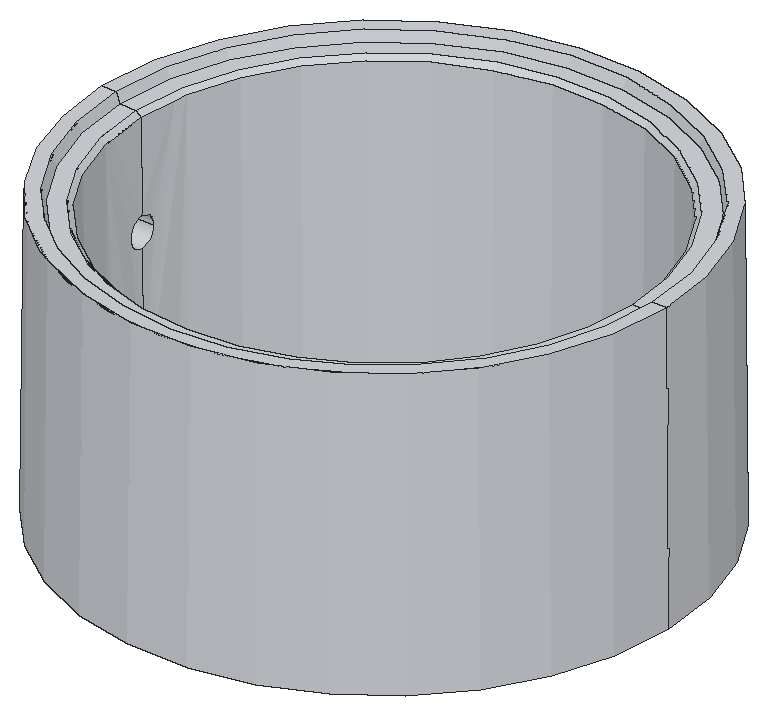
Revit family "Кольцо 1000х610 с замком КС 10-6", category Обобщенные модели, Revit 2023
Family settings
  Может служить основой для арматурных стержней = Нет
  Размер круглого соединителя = Использовать диаметр
  Тип детали = Нормальный
  На основе рабочей плоскости = Нет
  Всегда вертикально = Да
  При загрузке вырезать с полостями = Нет
  Сохранять ориентацию аннотаций = Нет
  Общий = Нет
  Точка принадлежности помещению = Нет
Parameters (values of type "Кольцо 1000х610 с замком КС 10.6")
  фаска = 10 mm
  толщ_на_h2_расч = (t1 - t2) / 2 * (h1 + h2) / ADSK_Размер_Высота + 10 mm  # 15.533 mm
  толщ_на_h1_расч = (t1 - t2) / 2 * h1 / ADSK_Размер_Высота + 10 mm  # 13.033 mm
  сужение_низ = 5 mm
  отступ_низ = 38 mm
  отступ_верх = 28.5 mm
  выступ = 20 mm
  вырез2 = no
  вырез1 = yes
  Отметка по умолчанию = 0 mm
  t2 = 80 mm
  t1 = 90 mm
  h2 = 305 mm
  h1 = 370 mm
  d1 = 20 mm * tan(20.00°)  # 7.279 mm
  ADSK_Размер_Диаметр = 1000 mm
  ADSK_Размер_Высота = 610 mm
  ADSK_Масса = 426
Reference planes
  plane 1 "По центру (Вперед/Назад)": y = 0
  plane 2: z = 0
  plane 3 "По центру (Влево/Вправо)": x = 0
  plane 4: x = 500
  plane 5: x = -500
  plane 6: y = 500
  plane 7: y = -500
  plane 8: z = 590
  plane 9: z = 610
  plane 10: z = 20
  plane 11: x = -585
  plane 12: x = 585
  plane 13: y = 585
  plane 14: y = -585
  plane 15: y = 580
  plane 16: y = -580
  plane 17: x = -580
  plane 18: x = 580
  plane 19: x = 538
  plane 20: x = 551.5
  plane 21: x = 544.221
  plane 22: x = 545.279
  plane 23: z = 580
  plane 24: x = 510
  plane 25: z = 370
  plane 26: z = 675
  plane 27: y = 495
  plane 28: y = -495
  plane 29: x = -495
  plane 30: x = 495
  plane 31: x = -569.467
  plane 32: x = -571.967
  plane 33: x = 569.467
  plane 34: x = 571.967
Forms (mm)
  Revolve 1, solid
    sketch origin (0, 0, 0) x (1, 0, 0) y (0, 0, 1)
      loop
        line (500, 580) -> (495, 0) -> (538, 0) -> (545.279, 20) -> (585, 20) -> (580, 610) -> (551.5, 610) -> (544.221, 590) -> (510, 590) -> (500, 580)
      axis (0, 0) -> (0, 610)
    angle from 0 to 360
  Extrusion 2, void, detail levels medium+fine
    sketch origin (0, 0, 0) x (0, -1, 0) y (0, 0, 1)
      loop
        circle (0, 370) r 30
    from -571.967 to 571.967
Cuts and joins
  Extrusion 2 cuts Revolve 1
Dimensions and locks
  equal spacing: plane 5, plane 3 "По центру (Влево/Вправо)", plane 4
  equal spacing: plane 7, plane 1 "По центру (Вперед/Назад)", plane 6
  "ADSK_Размер_Диаметр": plane 5 to plane 4
  "ADSK_Размер_Диаметр": plane 7 to plane 6
  "выступ": plane 9 to plane 8
  "выступ": plane 10 to level
  "t1": plane 11 to plane 29
  "t1": plane 30 to plane 12
  "t2": plane 6 to plane 15
  "t2": plane 16 to plane 7
  "t2": plane 17 to plane 5
  "t2": plane 4 to plane 18
  "отступ_низ": plane 19 to plane 4
  "отступ_верх": plane 18 to plane 20
  "d1": plane 20 to plane 21
  "d1": plane 22 to plane 19
  "фаска": plane 8 to plane 23
  "фаска": plane 24 to plane 4
  "h1": plane 25 to level
  "h2": plane 26 to plane 25
  "ADSK_Размер_Высота": plane 9 to level
  "сужение_низ": plane 5 to plane 29
  "сужение_низ": plane 30 to plane 4
  "сужение_низ": plane 27 to plane 6
  "сужение_низ": plane 7 to plane 28
  "t1": plane 14 to plane 28
  "t1": plane 27 to plane 13
  "толщ_на_h2_расч": plane 31 to plane 11
  "толщ_на_h1_расч": plane 32 to plane 11
  "толщ_на_h2_расч": plane 12 to plane 33
  "толщ_на_h1_расч": plane 12 to plane 34
  aligned and locked: level to plane 2
  aligned and locked: Revolve 1 sketch curve to plane 8
  aligned and locked: Revolve 1 sketch curve to plane 9
  aligned and locked: plane 10 to Revolve 1 sketch curve
  aligned and locked: Revolve 1 sketch curve to level
  aligned and locked: Extrusion 2 to plane 32
  aligned and locked: plane 34 to Extrusion 2
Automatic sketch dimensions
  Revolve 1 sketch curve to level = 0 mm
  Revolve 1 sketch curve to plane 3 "По центру (Влево/Вправо)" = 0 mm
  Revolve 1 sketch curve to plane 30 = 0 mm
  Revolve 1 sketch curve to plane 4 = 0 mm
  Revolve 1 sketch curve to plane 24 = 0 mm
  Revolve 1 sketch curve to plane 19 = 0 mm
  Revolve 1 sketch curve to plane 22 = 0 mm
  Revolve 1 sketch curve to plane 21 = 0 mm
  Revolve 1 sketch curve to plane 20 = 0 mm
  Revolve 1 sketch curve to plane 18 = 0 mm
  Revolve 1 sketch curve to plane 12 = 0 mm
  Revolve 1 sketch curve to plane 23 = 0 mm
  Revolve 1 sketch curve to plane 9 = 0 mm
  Extrusion 2 sketch curve to plane 1 "По центру (Вперед/Назад)" = 0 mm
  Extrusion 2 sketch curve to plane 25 = 0 mm
  radius of Extrusion 2 sketch curve = 30 mm
